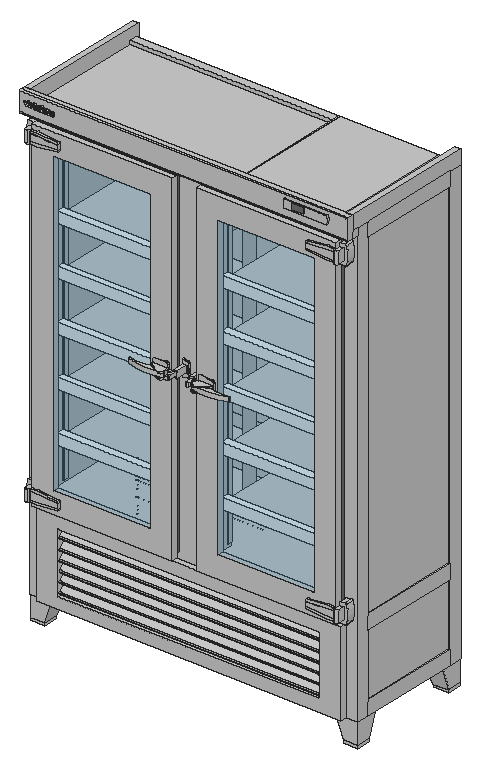
Revit family "QF_INFRICO_EVV49R2G_250807101433", category Specialty Equipment, Revit 2021 (continued)
Definition of nested family "QF_INFRICO_EVV49R2G_2920"
  Forms (mm)
    Extrusion 116, solid
      sketch origin (550, -557, -811) x (-1, 0, 0) y (0, -1, 0)
        loop
          line (-78, 42) -> (-75.99, 42) -> (-78.1, 63.095) -> (-80.09, 62.896) -> (-78, 42)
      from 1988 to 2007
    Extrusion 117, solid
      sketch origin (550, -557, 1177) x (-1, 0, 0) y (0, -1, 0)
        loop
          line (-82.1, 72) -> (-82.1, 70) -> (-76.1, 68) -> (-75.1, 62) -> (-30.49, 62) -> (-29.922, 63.185) -> (-19.1, 58)
          arc (-19.1, 58) -> (24.815, 65.999) -> (68.9, 59) r 132.841
          line (68.9, 59) -> (68.9, 63)
          arc (68.9, 63) -> (68.636, 64.118) -> (67.9, 65) r 2.5
          arc (67.9, 65) -> (-6.516, 81.02) -> (-82.1, 72) r 231.156
      from 0 to 19
    Extrusion 118, solid, visible <- "Show Clearance", detail levels coarse
      sketch origin (690, 0, 0) x (-1, 0, 0) y (0, -1, 0)
        loop
          line (50, 595) -> (640, 595) -> (640, 1160) -> (615, 1160)
          arc (615, 1160) -> (215.485, 994.515) -> (50, 595) r 565
      from 472 to 1920
    Extrusion 119, solid, material <- "Finish"
      sketch origin (567.5, 0, 0) x (0, 1, 0) y (0, 0, 1)
        loop
          line (-471.5, 1879) -> (-544, 1879) -> (-544, 522) -> (-471.5, 522) -> (-471.5, 1879)
      from 24.5 to 225.5
    Extrusion 120, solid
      sketch origin (2244.627, -138.5, 545) x (-1, 0, 0) y (0, -1, 0)
        loop
          line (957.627, 0) -> (957.627, -1.618) -> (961.627, -3.618) -> (961.627, -17.382) -> (957.627, -19.382) -> (957.627, -21) -> (958.627, -21) -> (958.627, -20) -> (962.627, -18) -> (962.627, -3) -> (958.627, -1) -> (958.627, 0) -> (957.627, 0)
      from 0 to 1070
    Extrusion 121, solid
      sketch origin (2244.627, -492.5, 545) x (-1, 0, 0) y (0, -1, 0)
        loop
          line (957.627, 0) -> (957.627, -1.618) -> (961.627, -3.618) -> (961.627, -17.382) -> (957.627, -19.382) -> (957.627, -21) -> (958.627, -21) -> (958.627, -20) -> (962.627, -18) -> (962.627, -3) -> (958.627, -1) -> (958.627, 0) -> (957.627, 0)
      from 0 to 1218
    Extrusion 122, solid
      sketch origin (-164.627, -138.5, 545) x (1, 0, 0) y (0, 1, 0)
        loop
          line (957.627, 0) -> (958.627, 0) -> (958.627, 1) -> (962.627, 3) -> (962.627, 18) -> (958.627, 20) -> (958.627, 21) -> (957.627, 21) -> (957.627, 19.382) -> (961.627, 17.382) -> (961.627, 3.618) -> (957.627, 1.618) -> (957.627, 0)
      from 0 to 1070
    Extrusion 123, solid
      sketch origin (-164.627, -492.5, 545) x (1, 0, 0) y (0, 1, 0)
        loop
          line (957.627, 0) -> (958.627, 0) -> (958.627, 1) -> (962.627, 3) -> (962.627, 18) -> (958.627, 20) -> (958.627, 21) -> (957.627, 21) -> (957.627, 19.382) -> (961.627, 17.382) -> (961.627, 3.618) -> (957.627, 1.618) -> (957.627, 0)
      from 0 to 1218
    Extrusion 124, solid
      sketch origin (-428.697, -366.452, 1532) x (-1, 0, 0) y (0, -1, 0)
        loop
          line (-1710.697, -269.452) -> (-1226.697, -269.452) -> (-1226.697, 145.548) -> (-1710.697, 145.548) -> (-1710.697, -269.452)
      from 0 to 25
    Extrusion 125, solid
      sketch origin (1360, -12, 1695) x (0, 1, 0) y (0, 0, -1)
        loop
          line (-514, 118) -> (-484, 118) -> (-484, 138) -> (-500, 138) -> (-500, 163) -> (-514, 163) -> (-514, 118)
      from 73 to 567
    Extrusion 126, solid
      sketch origin (-428.697, -366.452, 1322) x (-1, 0, 0) y (0, -1, 0)
        loop
          line (-1710.697, -269.452) -> (-1226.697, -269.452) -> (-1226.697, 145.548) -> (-1710.697, 145.548) -> (-1710.697, -269.452)
      from 0 to 25
    Extrusion 127, solid
      sketch origin (1360, -12, 1485) x (0, 1, 0) y (0, 0, -1)
        loop
          line (-514, 118) -> (-484, 118) -> (-484, 138) -> (-500, 138) -> (-500, 163) -> (-514, 163) -> (-514, 118)
      from 73 to 567
    Extrusion 128, solid
      sketch origin (-428.697, -366.452, 1112) x (-1, 0, 0) y (0, -1, 0)
        loop
          line (-1710.697, -269.452) -> (-1226.697, -269.452) -> (-1226.697, 145.548) -> (-1710.697, 145.548) -> (-1710.697, -269.452)
      from 0 to 25
    Extrusion 129, solid
      sketch origin (1360, -12, 1275) x (0, 1, 0) y (0, 0, -1)
        loop
          line (-514, 118) -> (-484, 118) -> (-484, 138) -> (-500, 138) -> (-500, 163) -> (-514, 163) -> (-514, 118)
      from 73 to 567
    Extrusion 130, solid
      sketch origin (-428.697, -366.452, 902) x (-1, 0, 0) y (0, -1, 0)
        loop
          line (-1710.697, -269.452) -> (-1226.697, -269.452) -> (-1226.697, 145.548) -> (-1710.697, 145.548) -> (-1710.697, -269.452)
      from 0 to 25
    Extrusion 131, solid
      sketch origin (1360, -12, 1065) x (0, 1, 0) y (0, 0, -1)
        loop
          line (-514, 118) -> (-484, 118) -> (-484, 138) -> (-500, 138) -> (-500, 163) -> (-514, 163) -> (-514, 118)
      from 73 to 567
    Extrusion 132, solid
      sketch origin (-428.697, -366.452, 692) x (-1, 0, 0) y (0, -1, 0)
        loop
          line (-1710.697, -269.452) -> (-1226.697, -269.452) -> (-1226.697, 145.548) -> (-1710.697, 145.548) -> (-1710.697, -269.452)
      from 0 to 25
    Extrusion 133, solid
      sketch origin (1360, -12, 855) x (0, 1, 0) y (0, 0, -1)
        loop
          line (-514, 118) -> (-484, 118) -> (-484, 138) -> (-500, 138) -> (-500, 163) -> (-514, 163) -> (-514, 118)
      from 73 to 567
    Extrusion 134, solid
      sketch origin (0, 0, 0) x (0, 1, 0) y (0, 0, 1)
        loop
          line (-471.5, 532) -> (-542, 532) -> (-542, 522) -> (-471.5, 522) -> (-471.5, 532)
      from 98 to 592
    Extrusion 135, solid
      sketch origin (1385, 0, 0) x (0, 1, 0) y (0, 0, -1)
        loop
          line (-471.5, -532) -> (-471.5, -522) -> (-542, -522) -> (-542, -532) -> (-471.5, -532)
      from 98 to 592
    Extrusion 136, solid
      sketch origin (592, 0, 0) x (0, 1, 0) y (0, 0, 1)
        loop
          line (-91, 1606) -> (-161, 1606) -> (-161, 532) -> (-91, 532) -> (-91, 1606)
      from 0 to 2
    Extrusion 137, solid
      sketch origin (791, 0, 0) x (0, 1, 0) y (0, 0, 1)
        loop
          line (-91, 1606) -> (-161, 1606) -> (-161, 532) -> (-91, 532) -> (-91, 1606)
      from 0 to 2
    Extrusion 138, solid
      sketch origin (-20.5, -61, 128) x (1, 0, 0) y (0, 1, 0)
        loop
          circle (82.5, 0) r 2
        loop
          circle (1343.5, 0) r 2
        loop
          circle (713, 0) r 2
        loop
          circle (923, 0) r 2
        loop
          circle (1133, 0) r 2
        loop
          circle (503, 0) r 2
        loop
          circle (293, 0) r 2
      from 0 to 297
    Extrusion 139, solid
      sketch origin (-20.5, -55, 84) x (0, 1, 0) y (0, 0, 1)
        loop
          circle (-2, 46) r 2
        loop
          circle (-3, 62.5) r 1
        loop
          circle (-3, 78.5) r 1
        loop
          circle (-3, 94.5) r 1
        loop
          circle (-3, 110.5) r 1
        loop
          circle (-3, 126.5) r 1
        loop
          circle (-3, 142.5) r 1
        loop
          circle (-3, 158.5) r 1
        loop
          circle (-3, 174.5) r 1
        loop
          circle (-3, 190.5) r 1
        loop
          circle (-3, 206.5) r 1
        loop
          circle (-3, 222.5) r 1
        loop
          circle (-3, 238.5) r 1
        loop
          circle (-3, 254.5) r 1
        loop
          circle (-3, 270.5) r 1
        loop
          circle (-3, 286.5) r 1
        loop
          circle (-3, 302.5) r 1
        loop
          circle (-3, 318.5) r 1
        loop
          circle (-2, 339) r 2
      from 80.5 to 1345.5
    Extrusion 140, solid
      sketch origin (156.22, 1050.477, 986.192) x (1, 0, 0) y (0, -0.864874, 0.50199)
        loop
          arc (234.78, 1717.69) -> (231.244, 1716.226) -> (229.78, 1712.69) r 5
          line (229.78, 1712.69) -> (229.78, 1603.69)
          arc (229.78, 1603.69) -> (231.244, 1600.155) -> (234.78, 1598.69) r 5
          line (234.78, 1598.69) -> (343.78, 1598.69)
          arc (343.78, 1598.69) -> (347.315, 1600.155) -> (348.78, 1603.69) r 5
          line (348.78, 1603.69) -> (348.78, 1712.69)
          arc (348.78, 1712.69) -> (347.315, 1716.226) -> (343.78, 1717.69) r 5
          line (343.78, 1717.69) -> (234.78, 1717.69)
      from 0 to 4
    Extrusion 141, solid
      sketch origin (1228.78, 1050.477, 986.192) x (-1, 0, 0) y (0, 0.864874, -0.50199)
        loop
          line (234.78, -1717.69) -> (343.78, -1717.69)
          arc (343.78, -1717.69) -> (347.315, -1716.226) -> (348.78, -1712.69) r 5
          line (348.78, -1712.69) -> (348.78, -1603.69)
          arc (348.78, -1603.69) -> (347.315, -1600.155) -> (343.78, -1598.69) r 5
          line (343.78, -1598.69) -> (234.78, -1598.69)
          arc (234.78, -1598.69) -> (231.244, -1600.155) -> (229.78, -1603.69) r 5
          line (229.78, -1603.69) -> (229.78, -1712.69)
          arc (229.78, -1712.69) -> (231.244, -1716.226) -> (234.78, -1717.69) r 5
      from 0 to 4
  Cuts and joins
    joined: Extrusion 21, Extrusion 22, Sweep 23, Extrusion 24
    joined: Extrusion 26, Extrusion 27, Sweep 28, Extrusion 29
    joined: Extrusion 36, Extrusion 37, Sweep 38, Extrusion 39
    joined: Extrusion 31, Extrusion 32, Sweep 33, Extrusion 34
    joined: Extrusion 20, Extrusion 45
    joined: Extrusion 5, Extrusion 6, Extrusion 7, Extrusion 8, Extrusion 52, Extrusion 53, Extrusion 54, Extrusion 119
    joined: Extrusion 74, Extrusion 75
    joined: Extrusion 46, Extrusion 134, Extrusion 135
  Lines and regions (mm)
    symbolic lines
      curve 1: line (0, 0, 0) -> (1385, 0, 0)
      curve 2: line (0, -596, 0) -> (0, 0, 0)
      curve 3: line (1385, -596, 0) -> (0, -596, 0)
      curve 4: line (1385, 0, 0) -> (1385, -596, 0)
      curve 5: line (25, -20, 0) -> (1360, -20, 0)
      curve 6: line (25, -571, 0) -> (25, 0, 0)
      curve 7: line (1385, -571, 0) -> (0, -571, 0)
      curve 8: line (1360, 0, 0) -> (1360, -571, 0)
      curve 9: line (25, -50, 0) -> (1360, -50, 0)
      curve 10: line (25, -544, 0) -> (916, -544, 0)
      curve 11: line (916, -56, 0) -> (916, -566, 0)
      curve 12: line (916, -566, 0) -> (1336, -566, 0)
      curve 13: line (1336, -566, 0) -> (1336, -56, 0)
      curve 14: line (1336, -56, 0) -> (916, -56, 0)
      curve 15: line (1336, -544, 0) -> (1360, -544, 0)
      curve 16: line (1217, -607, 0) -> (1336, -607, 0)
      curve 17: arc (1336, -607, 0) -> (1339.46, -611.559, 0) -> (1345, -613, 0) r 8.741
      curve 18: arc (1345, -613, 0) -> (1351.364, -610.364, 0) -> (1354, -604, 0) r 9
      curve 19: line (1354, -604, 0) -> (1354, -596, 0)
      curve 20: line (1216, -605, 0) -> (1217, -605, 0)
      curve 21: line (1216, -605, 0) -> (1216, -596, 0)
      curve 22: line (1217, -607, 0) -> (1217, -605, 0)
      curve 23: line (721, -598, 0) -> (734, -598, 0)
      curve 24: arc (734, -598, 0) -> (734.707, -597.707, 0) -> (735, -597, 0) r 1
      curve 25: line (735, -597, 0) -> (735, -596, 0)
      curve 26: arc (720, -597, 0) -> (720.293, -597.707, 0) -> (721, -598, 0) r 1
      curve 27: line (720, -596, 0) -> (720, -597, 0)
      curve 28: line (726, -598, 0) -> (726, -627, 0)
      curve 29: line (726, -627, 0) -> (728, -627, 0)
      curve 30: line (728, -627, 0) -> (728, -629, 0)
      curve 31: line (728, -629, 0) -> (731, -629, 0)
      curve 32: line (731, -629, 0) -> (736, -626, 0)
      curve 33: line (736, -626, 0) -> (744, -609, 0)
      curve 34: line (756, -609, 0) -> (736, -609, 0)
      curve 35: line (736, -609, 0) -> (736, -596, 0)
      curve 36: arc (742, -599, 0) -> (737, -604, 0) -> (742, -609, 0) r 5
      curve 37: line (757, -599, 0) -> (742, -599, 0)
      curve 38: line (757, -599, 0) -> (753.9, -630, 0)
      curve 39: arc (753.9, -630, 0) -> (755.927, -636.254, 0) -> (761.9, -639, 0) r 8.187
      curve 40: line (761.9, -639, 0) -> (763.9, -639, 0)
      curve 41: arc (763.9, -639, 0) -> (765.951, -638.703, 0) -> (767.9, -638, 0) r 10.282
      curve 42: line (767.9, -638, 0) -> (815.9, -615, 0)
      curve 43: arc (815.9, -615, 0) -> (819.351, -611.574, 0) -> (821, -607, 0) r 11.062
      curve 44: line (821, -607, 0) -> (822, -599, 0)
      curve 45: arc (903.9, -616, 0) -> (859.815, -622.999, 0) -> (815.9, -615, 0) r 132.841
      curve 46: arc (902.9, -622, 0) -> (903.636, -621.118, 0) -> (903.9, -620, 0) r 2.5
      curve 47: line (903.9, -620, 0) -> (903.9, -616, 0)
      curve 48: arc (775.46, -634.377, 0) -> (840.054, -637.188, 0) -> (902.9, -622, 0) r 231.156
      curve 49: line (822, -599, 0) -> (822, -596, 0)
      curve 50: line (757, -599, 0) -> (757, -596, 0)
      curve 57: line (168, -607, 0) -> (49, -607, 0)
      curve 58: arc (49, -607, 0) -> (45.54, -611.559, 0) -> (40, -613, 0) r 8.741
      curve 59: arc (40, -613, 0) -> (33.636, -610.364, 0) -> (31, -604, 0) r 9
      curve 60: line (31, -604, 0) -> (31, -596, 0)
      curve 61: line (169, -605, 0) -> (168, -605, 0)
      curve 62: line (169, -605, 0) -> (169, -596, 0)
      curve 63: line (168, -607, 0) -> (168, -605, 0)
      curve 64: line (664, -598, 0) -> (651, -598, 0)
      curve 65: arc (651, -598, 0) -> (650.293, -597.707, 0) -> (650, -597, 0) r 1
      curve 66: line (650, -597, 0) -> (650, -596, 0)
      curve 67: arc (665, -597, 0) -> (664.707, -597.707, 0) -> (664, -598, 0) r 1
      curve 68: line (665, -596, 0) -> (665, -597, 0)
      curve 69: line (659, -598, 0) -> (659, -627, 0)
      curve 70: line (659, -627, 0) -> (657, -627, 0)
      curve 71: line (657, -627, 0) -> (657, -629, 0)
      curve 72: line (657, -629, 0) -> (654, -629, 0)
      curve 73: line (654, -629, 0) -> (649, -626, 0)
      curve 74: line (649, -626, 0) -> (641, -609, 0)
      curve 75: line (629, -609, 0) -> (649, -609, 0)
      curve 76: line (649, -609, 0) -> (649, -596, 0)
      curve 77: arc (643, -599, 0) -> (648, -604, 0) -> (643, -609, 0) r 5
      curve 78: line (628, -599, 0) -> (643, -599, 0)
      curve 79: line (628, -599, 0) -> (631.1, -630, 0)
      curve 80: arc (631.1, -630, 0) -> (629.073, -636.254, 0) -> (623.1, -639, 0) r 8.187
      curve 81: line (623.1, -639, 0) -> (621.1, -639, 0)
      curve 82: arc (621.1, -639, 0) -> (619.049, -638.703, 0) -> (617.1, -638, 0) r 10.282
      curve 83: line (617.1, -638, 0) -> (569.1, -615, 0)
      curve 84: arc (569.1, -615, 0) -> (565.649, -611.574, 0) -> (564, -607, 0) r 11.062
      curve 85: line (564, -607, 0) -> (563, -599, 0)
      curve 86: arc (481.1, -616, 0) -> (525.185, -622.999, 0) -> (569.1, -615, 0) r 132.841
      curve 87: arc (482.1, -622, 0) -> (481.364, -621.118, 0) -> (481.1, -620, 0) r 2.5
      curve 88: line (481.1, -620, 0) -> (481.1, -616, 0)
      curve 89: arc (609.54, -634.377, 0) -> (544.946, -637.188, 0) -> (482.1, -622, 0) r 231.156
      curve 90: line (563, -599, 0) -> (563, -596, 0)
      curve 91: line (628, -599, 0) -> (628, -596, 0)
    symbolic lines, visible <- "Show Clearance"
      curve 51: line (1335, -607, 0) -> (1335, -1160, 0)
      curve 52: line (1335, -1160, 0) -> (1310, -1160, 0)
      curve 53: arc (745.173, -609, 0) -> (915.465, -999.435, 0) -> (1310, -1160, 0) r 565
      curve 54: line (50, -607, 0) -> (50, -1160, 0)
      curve 55: line (50, -1160, 0) -> (75, -1160, 0)
      curve 56: arc (639.827, -609, 0) -> (469.535, -999.435, 0) -> (75, -1160, 0) r 565
  Dimensions and locks
    plane 1 "Back" to plane 5 "Front" = 596 mm  (x2)
    plane 3 "Left" to plane 4 "Right" = 1385 mm
    plane 6 "Top" to level = 2032 mm  (x2)
    plane 4 "Right" to plane 3 "Left" = 1385 mm
    aligned and locked: level to plane 2
Definition of nested family "CONN_POINT_DRAIN_2D___Generic_Annotation"
  Parameters (values of type "CONN_POINT_DRAIN_2D___Generic_Annotation")
    Onboard connection annotation symbol visibility [instance] = yes
  Reference planes
    plane 1: y = 0
    plane 2: x = 0
  Lines and regions (mm)
    detail lines, visible <- "Onboard connection annotation symbol visibility"
      curve 1: circle (0, 0, 0) r 0.5 normal (0, 0, 1)
      curve 2: line (-1, 0, 0) -> (1, 0, 0)
      curve 3: line (0, 1, 0) -> (0, -1, 0)
      curve 4: line (1.776, 1, 0) -> (1.25, 1, 0)
      curve 5: line (1.25, 1, 0) -> (1.25, -1, 0)
      curve 6: line (1.25, -1, 0) -> (1.776, -1, 0)
      curve 7: arc (2.206, -0.862, 0) -> (2.459, -0.589, 0) -> (2.583, -0.238, 0) r 0.918
      curve 8: arc (2.583, 0.238, 0) -> (2.459, 0.589, 0) -> (2.206, 0.862, 0) r 0.918
      curve 9: arc (2.583, -0.238, 0) -> (2.599, 0, 0) -> (2.583, 0.238, 0) r 1.77
      curve 10: arc (2.206, 0.862, 0) -> (2.002, 0.965, 0) -> (1.776, 1, 0) r 0.741
      curve 11: arc (1.776, -1, 0) -> (2.002, -0.965, 0) -> (2.206, -0.862, 0) r 0.741
Definition of nested family "CONN_POINT_ELE_2D___Generic_Annotation"
  Parameters (values of type "CONN_POINT_ELE_2D___Generic_Annotation")
    Onboard connection annotation symbol visibility [instance] = yes
  Reference planes
    plane 1: y = 0
    plane 2: x = 0
  Lines and regions (mm)
    detail lines, visible <- "Onboard connection annotation symbol visibility"
      curve 1: circle (0, 0, 0) r 0.5 normal (0, 0, 1)
      curve 2: line (-1, 0, 0) -> (1, 0, 0)
      curve 3: line (0, 1, 0) -> (0, -1, 0)
      curve 4: line (2.5, 1, 0) -> (1.25, 1, 0)
      curve 5: line (1.25, 1, 0) -> (1.25, -1, 0)
      curve 6: line (1.25, -1, 0) -> (2.5, -1, 0)
      curve 7: line (1.25, 0, 0) -> (2, 0, 0)
